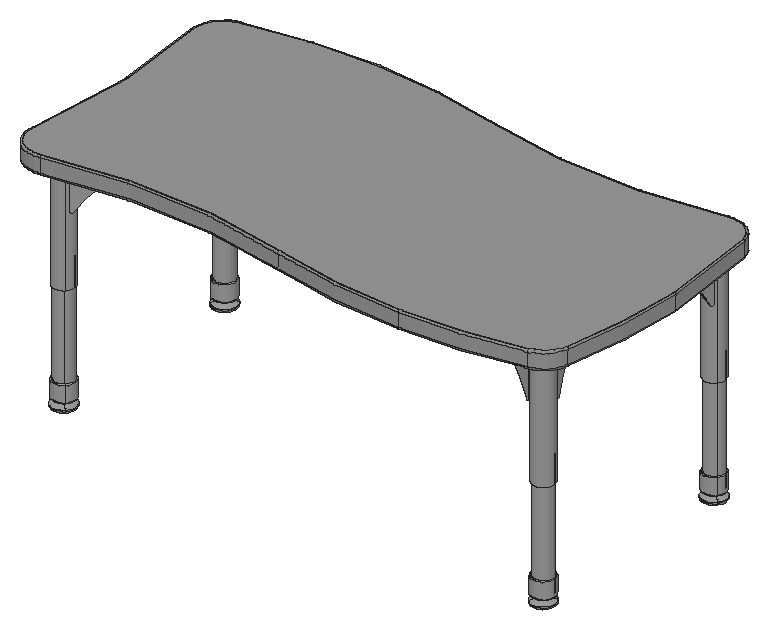
Revit family "Hierarchy Creator ADA Rectangle Desk - Youth Height", category Furniture, Revit 2018
Family settings
  Work Plane-Based = No
  Always vertical = Yes
  Cut with Voids When Loaded = No
  Shared = No
  Room Calculation Point = No
Parameters
  Surface = Hierarchy Creator ADA Rectangle Desk Youth Surface
  Leg Finish = Hierarchy Leg Platinum
  Edgeband = Hierarchy Creator ADA Rectangle Desk Youth Edgeband
  Desk Height = 1' - 4"
  Caster/Glide = Hierarchy Youth Leg - Glide : Hierarchy Youth Leg - Glide
Reference planes (in)
  plane 1 "Center (Front/Back)": y = 0
  plane 2: z = 0
  plane 3 "Center (Left/Right)": x = 0
  plane 4: z = 16
Dimensions and locks (in)
  "Desk Height": plane 4 to level
  aligned and locked: plane 2 to level
  aligned and locked: nested 1 to plane 4
Nested families (in)
  nested 1: "Creator Rectangle ADA Desk Tabletop" at (0.03125, 0, 2.97788), type "Creator Rectangle ADA Desk Tabletop"
  nested 2: "Hierarchy Youth Leg - Glide" at (-18.08345, 6.98092, 0) x (0.7059, 0.7084, 0) z (0, 0, 1), type <- "Caster/Glide", Leg Finish <- "Leg Finish", Leg Height <- "Desk Height", type "Hierarchy Youth Leg - Glide"
    with Leg Height 1' - 4", Leg Finish Hierarchy Leg Platinum
  nested 3: "Hierarchy Youth Leg - Glide" at (-17.92546, -7.74624, 0) x (-0.707, 0.7072, 0) z (0, 0, 1), type <- "Caster/Glide", Leg Finish <- "Leg Finish", Leg Height <- "Desk Height", type "Hierarchy Youth Leg - Glide"
    with Leg Height 1' - 4", Leg Finish Hierarchy Leg Platinum
  nested 4: "Hierarchy Youth Leg - Glide" at (17.37191, -8.53046, 0) x (-0.7259, -0.6878, 0) z (0, 0, 1), Leg Finish <- "Leg Finish", Leg Height <- "Desk Height", type "Hierarchy Youth Leg - Glide"
    with Leg Height 1' - 4", Leg Finish Hierarchy Leg Platinum
  nested 5: "Hierarchy Youth Leg - Glide" at (17.40103, 6.8839, 0) x (0.8147, -0.5799, 0) z (0, 0, 1), Leg Finish <- "Leg Finish", Leg Height <- "Desk Height", type "Hierarchy Youth Leg - Glide"
    with Leg Height 1' - 4", Leg Finish Hierarchy Leg Platinum
Definition of nested family "Creator Rectangle ADA Desk Tabletop"
  Parameters (values of type "Creator Rectangle ADA Desk Tabletop")
    Surface = none
    Edgeband = none
  Reference planes (in)
    plane 1 "Center (Front/Back)": y = 0
    plane 2: z = 0
    plane 3 "Center (Left/Right)": x = 0
  Forms (in)
    Extrusion 1, solid, material <- "Surface"
      sketch origin (0, 0, 0) x (1, 0, 0) y (0, 1, 0)
        loop
          arc (-20.21877, 6.62442) -> (-19.76026, 3.32508) -> (-19.56107, 0) r 42.58061
          arc (-19.56107, 0) -> (-19.67481, -3.82649) -> (-20.17322, -7.62208) r 37.97456
          arc (-20.17322, -7.62208) -> (-19.59874, -9.41646) -> (-17.78764, -9.93584) r 1.99857
          arc (-17.78764, -9.93584) -> (-9.07659, -9.06953) -> (-0.39168, -10.16738) r 39.01204
          arc (-0.39168, -10.16738) -> (4.32999, -10.99971) -> (9.11914, -11.2255) r 37.66552
          arc (9.11914, -11.2255) -> (13.40696, -10.92755) -> (17.6395, -10.17933) r 40.72324
          arc (17.6395, -10.17933) -> (18.60957, -9.63291) -> (19.13099, -8.64919) r 1.97856
          arc (19.13099, -8.64919) -> (19.77583, -4.34671) -> (19.95819, 0) r 40.73992
          arc (19.95819, 0) -> (19.74333, 3.59905) -> (19.18352, 7.16078) r 37.46464
          arc (19.18352, 7.16078) -> (18.31681, 8.43244) -> (16.80389, 8.71423) r 2.00343
          arc (16.80389, 8.71423) -> (8.11369, 7.85296) -> (-0.5523, 8.93103) r 39.3204
          arc (-0.5523, 8.93103) -> (-4.95722, 9.72056) -> (-9.42376, 9.99774) r 38.80876
          arc (-9.42376, 9.99774) -> (-14.10154, 9.74179) -> (-18.71673, 8.93735) r 39.75645
          arc (-18.71673, 8.93735) -> (-19.93188, 8.0823) -> (-20.21877, 6.62442) r 1.99462
      from 13.02212 to 14.27206
    Sweep 2, solid, material <- "Edgeband"
      path origin (0, 0, 0) x (1, 0, 0) y (0, 1, 0)
        loop
          arc (-0.5523, 8.93103) -> (-4.95722, 9.72056) -> (-9.42376, 9.99774) r 38.80876
          arc (-9.42376, 9.99774) -> (-14.10154, 9.74179) -> (-18.71673, 8.93735) r 39.75645
          arc (-18.71673, 8.93735) -> (-19.93188, 8.0823) -> (-20.21877, 6.62442) r 1.99462
          arc (-20.21877, 6.62442) -> (-19.76026, 3.32508) -> (-19.56107, 0) r 42.58061
          arc (-19.56107, 0) -> (-19.67481, -3.82649) -> (-20.17322, -7.62208) r 37.97456
          arc (-20.17322, -7.62208) -> (-19.59874, -9.41646) -> (-17.78764, -9.93584) r 1.99857
          arc (-17.78764, -9.93584) -> (-9.07659, -9.06953) -> (-0.39168, -10.16738) r 39.01204
          arc (-0.39168, -10.16738) -> (4.32999, -10.99971) -> (9.11914, -11.2255) r 37.66552
          arc (9.11914, -11.2255) -> (13.40696, -10.92755) -> (17.6395, -10.17933) r 40.72324
          arc (17.6395, -10.17933) -> (18.60957, -9.63291) -> (19.13099, -8.64919) r 1.97856
          arc (19.13099, -8.64919) -> (19.77583, -4.34671) -> (19.95819, 0) r 40.73992
          arc (19.95819, 0) -> (19.74333, 3.59905) -> (19.18352, 7.16078) r 37.46464
          arc (19.18352, 7.16078) -> (18.31681, 8.43244) -> (16.80389, 8.71423) r 2.00343
          arc (16.80389, 8.71423) -> (8.11369, 7.85296) -> (-0.5523, 8.93103) r 39.3204
      profile origin (-4.95722, 9.72056, 0) x (-0.119381, -0.992849, 0) y (0, 0, 1)
        loop
          line (0, 13.02218) -> (0, 14.27206)
          arc (0, 14.27206) -> (-0.08841, 14.23311) -> (-0.12472, 14.14358) r 0.12854
          line (-0.12472, 14.14358) -> (-0.12472, 13.15066)
          arc (-0.12472, 13.15066) -> (-0.08841, 13.06113) -> (0, 13.02218) r 0.12854
  Dimensions and locks (in)
    aligned and locked: plane 2 to level
Definition of nested family "Hierarchy Youth Leg - Glide"
  Parameters (values of type "Hierarchy Youth Leg - Glide")
    Leg Finish [instance] = none
    Leg Height [instance] = 1' - 4.80117"
  Reference planes (in)
    plane 1 "Center (Front/Back)": y = 0
    plane 2: z = 0
    plane 3 "Center (Left/Right)": x = 0
  Forms (in)
    Extrusion 1, solid
      sketch origin (-0.01562, 0, 0) x (1, 0, 0) y (0, 1, 0)
        loop
          circle (0.01563, 0) r 0.67016
      from 0.67618 to 10.55018
    Revolve 2, solid
      sketch origin (0, 0, 0) x (1, 0, 0) y (0, 0, 1)
        loop
          line (-0.73189, 1.80118) -> (-0.79439, 1.73867) -> (-0.79439, 0.61381) -> (-0.73176, 0.55118) -> (-0.125, 0.55118) -> (-0.125, 0.42618) -> (-0.84656, 0.16241) -> (-0.84656, 0.08994) -> (-0.81359, 0) -> (0, 0) -> (0, 1.80118) -> (-0.73189, 1.80118)
        axis (0, 1.80118) -> (0, 0)
      angle from 0 to 360
  Dimensions and locks (in)
    "Leg Height": nested 1 to level  (x2)
    aligned and locked: plane 2 to level
  Automatic sketch dimensions
    plane 1 "Center (Front/Back)" to Extrusion 1 sketch curve = 0' - 0"
    Extrusion 1 sketch curve to plane 3 "Center (Left/Right)" = 0' - 0"
    Revolve 2 sketch curve to level = 0' - 0"
    Revolve 2 sketch curve to plane 3 "Center (Left/Right)" = 0' - 0"  (x2)
    Revolve 2 sketch curve to plane 3 "Center (Left/Right)" = 0' - 0 1/8"
    Revolve 2 sketch curve to Revolve 2 sketch curve = 0' - 0.60676"
    Revolve 2 sketch curve to Revolve 2 sketch curve = 0' - 0.73189"
    Revolve 2 sketch curve to Revolve 2 sketch curve = 0' - 0.06263"  (x2)
    Revolve 2 sketch curve to Revolve 2 sketch curve = 0' - 0.08183"
    Revolve 2 sketch curve to Revolve 2 sketch curve = 0' - 0.03297"
    level to Revolve 2 sketch curve = 0' - 0.08994"
    Revolve 2 sketch curve to Revolve 2 sketch curve = 0' - 0.07247"
    level to Revolve 2 sketch curve = 0' - 0.42618"
    Revolve 2 sketch curve to Revolve 2 sketch curve = 0' - 0 1/8"
    Revolve 2 sketch curve to Revolve 2 sketch curve = 0' - 1.12486"
    Revolve 2 sketch curve to Revolve 2 sketch curve = 0' - 0 1/16"
    Revolve 2 sketch curve to level = 2' - 0"
    Revolve 2 sketch curve to Revolve 2 sketch curve = 8' - 4.91764"
    radius of Extrusion 1 sketch curve = 0' - 0.67016"
  Nested families (in)
    nested 1: "Hierarchy Youth Upper Leg 2023" at (0, 0, 0), Leg Finish <- "Leg Finish", type "Hierarchy Youth Upper Leg 2023"
      with Leg Finish none
  Definition of nested family "Hierarchy Youth Upper Leg 2023"
    Parameters (values of type "Hierarchy Youth Upper Leg 2023")
      Leg Finish [instance] = none
    Reference planes (in)
      plane 1 "Center (Front/Back)": y = 0
      plane 2: z = 0
      plane 3 "Center (Left/Right)": x = 0
    Forms (in)
      Extrusion 1, solid, material <- "Leg Finish"
        sketch origin (0, 0, -11.001) x (1, 0, 0) y (0, 1, 0)
          loop
            circle (0, 0) r 0.75
        from 19.67618 to 27.67618
      Extrusion 2, solid, material <- "Leg Finish"
        sketch origin (0, 0, -11.001) x (1, 0, 0) y (0, 1, 0)
          loop
            line (-1.70174, 0.19183) -> (-2.88626, -2.26116)
            arc (-2.88626, -2.26116) -> (-2.83993, -3.09822) -> (-2.1063, -3.50394) r 0.86614
            line (-2.1063, -3.50394) -> (2.1063, -3.50394)
            arc (2.1063, -3.50394) -> (2.83993, -3.09822) -> (2.88626, -2.26116) r 0.86614
            line (2.88626, -2.26116) -> (1.70174, 0.19183)
            arc (1.70174, 0.19183) -> (0, 1.25984) -> (-1.70174, 0.19183) r 1.88976
        from 27.67618 to 27.80217
      Extrusion 3, solid, material <- "Leg Finish"
        sketch origin (-1.48519, 8.66524, -11.001) x (-0.434844, 0.900506, 0) y (0, 0, 1)
          loop
            line (-9.01425, 27.67618) -> (-11.80952, 27.67618)
            arc (-11.80952, 27.67618) -> (-11.92325, 27.58993) -> (-11.87088, 27.45715) r 0.11811
            arc (-11.87088, 27.45715) -> (-10.39364, 26.29679) -> (-9.23328, 24.81955) r 7.87402
            arc (-9.23328, 24.81955) -> (-9.1005, 24.76717) -> (-9.01425, 24.88091) r 0.11811
            line (-9.01425, 24.88091) -> (-9.01425, 27.67618)
        from -1.94075 to -1.81476
      Extrusion 4, solid, material <- "Leg Finish"
        sketch origin (1.48519, 8.66524, -11.001) x (0.434844, 0.900506, 0) y (0, 0, -1)
          loop
            line (-9.01425, -27.67618) -> (-9.01425, -24.88091)
            arc (-9.01425, -24.88091) -> (-9.1005, -24.76717) -> (-9.23328, -24.81955) r 0.11811
            arc (-9.23328, -24.81955) -> (-10.39364, -26.29679) -> (-11.87088, -27.45715) r 7.87402
            arc (-11.87088, -27.45715) -> (-11.92325, -27.58993) -> (-11.80952, -27.67618) r 0.11811
            line (-11.80952, -27.67618) -> (-9.01425, -27.67618)
        from -1.94075 to -1.81476
    Dimensions and locks (in)
      aligned and locked: plane 2 to level
